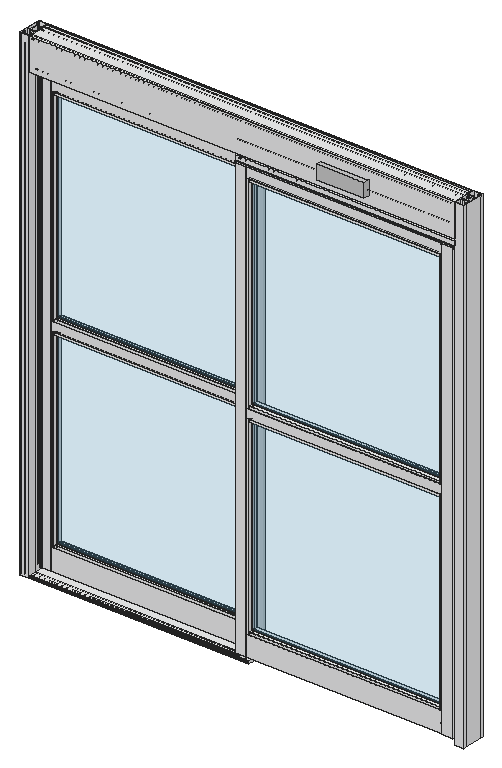
Revit family "2-6-1_Sliding-Door_TX9300SL_Single-RH-Inside-Slide-SX-SO_Tormax", category Doors, host Wall, Revit 2026 (continued)
Definition of nested family "Door-Sliding-Tormax-Panel-SO"
  Forms (in)
    Sweep 1, solid, material <- "Frame Material"
      profile origin (-20.78125, 0, 42.6875) x (-1, 0, 0) y (0, -1, 0)
        loop
          line (-0.10913, -0.79679) -> (-0.18087, -0.77676) -> (-0.20082, -0.85943) -> (-0.27801, -0.84081) -> (-0.18503, -0.45549) -> (-0.10975, -0.47365) -> (-0.1297, -0.55632) -> (-0.05562, -0.57144)
          arc (-0.05562, -0.57144) -> (0, 0) -> (-0.05562, 0.57144) r 2.96345
          line (-0.05562, 0.57144) -> (-0.1297, 0.55632) -> (-0.10975, 0.47365) -> (-0.18503, 0.45549) -> (-0.27801, 0.84081) -> (-0.20082, 0.85943) -> (-0.18087, 0.77676) -> (-0.10913, 0.79679)
          arc (-0.10913, 0.79679) -> (-0.12559, 0.85357) -> (-0.14318, 0.91) r 2.96345
          line (-0.14318, 0.91) -> (-2.125, 0.91) -> (-2.125, 0.70869) -> (-2.02775, 0.76483) -> (-1.969, 0.76483) -> (-1.969, -0.76483) -> (-2.02717, -0.76483) -> (-2.125, -0.70835) -> (-2.125, -0.91)
        loop
          line (-1.844, -0.76483) -> (-0.33606, -0.76483)
          arc (-0.33606, -0.76483) -> (-0.28778, -0.57356) -> (-0.25342, -0.37931) r 2.73645
          line (-0.25342, -0.37931) -> (-0.15, -0.37931) -> (-0.15, -0.18239) -> (-0.25029, -0.18239) -> (-0.25029, 0.18239) -> (-0.15, 0.18239) -> (-0.15, 0.37931) -> (-0.25342, 0.37931)
          arc (-0.25342, 0.37931) -> (-0.28782, 0.57373) -> (-0.33616, 0.76517) r 2.73645
          line (-0.33616, 0.76517) -> (-1.844, 0.76517) -> (-1.844, -0.76483)
    Sweep 2, solid, material <- "Frame Material"
      path origin (0, 0, 0) x (1, 0, 0) y (0, 0, 1)
        loop
          line (-18.65625, 0) -> (18.65625, 0)
      profile origin (0, 0, 0) x (0, 0, 1) y (0, -1, 0)
        loop
          line (4.5, 0.8749) -> (0.5, 0.8749) -> (0.5, 0.75022) -> (2.06202, 0.75022) -> (2.06202, -0.74981) -> (1.59445, -0.74981) -> (1.30635, -0.4258) -> (0.698, -0.4258) -> (0.698, -0.5258) -> (1.27001, -0.5258) -> (1.27001, -0.76481) -> (0.5, -0.76481) -> (0.5, -0.8749) -> (4.5, -0.8749) -> (4.5, -0.70921) -> (4.39357, -0.77066) -> (4.34406, -0.77066) -> (4.34406, 0.77066) -> (4.39357, 0.77066) -> (4.5, 0.70921) -> (4.5, 0.8749)
        loop
          line (4.21945, -0.71919) -> (4.21945, 0.71919) -> (3.97279, 0.71919) -> (3.97279, 0.75305) -> (3.52125, 0.75305) -> (3.52125, 0.71919) -> (3.26966, 0.71919) -> (3.26966, 0.5938) -> (3.13704, 0.5938) -> (3.13704, 0.7188) -> (2.88641, 0.7188) -> (2.88641, 0.74999) -> (2.43765, 0.74999) -> (2.43765, 0.7188) -> (2.18703, 0.7188) -> (2.18703, -0.7188) -> (2.43765, -0.7188) -> (2.43765, -0.74999) -> (2.88641, -0.74999) -> (2.88641, -0.7188) -> (3.13704, -0.7188) -> (3.13704, -0.5938) -> (3.26966, -0.5938) -> (3.26966, -0.71919) -> (3.52125, -0.71919) -> (3.52125, -0.75305) -> (3.97279, -0.75305) -> (3.97279, -0.71919) -> (4.21945, -0.71919)
        loop
          line (42.875, -0.875) -> (42.875, -0.70777) -> (42.7655, -0.77099) -> (42.719, -0.77099) -> (42.719, 0.77099) -> (42.7655, 0.77099) -> (42.875, 0.70777) -> (42.875, 0.875) -> (41.125, 0.875) -> (41.125, 0.70777) -> (41.2345, 0.77099) -> (41.281, 0.77099) -> (41.281, -0.77099) -> (41.2345, -0.77099) -> (41.125, -0.70777) -> (41.125, -0.875) -> (42.875, -0.875)
        loop
          line (41.65541, -0.729) -> (41.65541, -0.76) -> (42.10469, -0.76) -> (42.10469, -0.729) -> (42.356, -0.729) -> (42.356, -0.519) -> (42.569, -0.519) -> (42.569, 0.519) -> (42.356, 0.519) -> (42.356, 0.729) -> (42.10469, 0.729) -> (42.10469, 0.76) -> (41.65541, 0.76) -> (41.65541, 0.729) -> (41.406, 0.729) -> (41.406, -0.729) -> (41.65541, -0.729)
        loop
          line (81.875, 0.8749) -> (81.875, 0.70921) -> (81.98143, 0.77066) -> (82.0294, 0.77066) -> (82.0294, -0.77066) -> (81.98143, -0.77066) -> (81.875, -0.70921) -> (81.875, -0.8749) -> (84.875, -0.8749) -> (84.875, -0.75002) -> (83.37502, -0.75002) -> (83.37502, 0.74998) -> (84.875, 0.74998) -> (84.875, 0.8749) -> (81.875, 0.8749)
        loop
          line (82.15555, -0.719) -> (82.468, -0.719) -> (82.468, -0.75) -> (82.793, -0.75) -> (82.793, -0.71901) -> (83.10534, -0.71901) -> (83.10534, -0.37501) -> (83.25002, -0.37501) -> (83.25002, 0.37499) -> (83.10534, 0.37499) -> (83.10534, 0.71899) -> (82.79301, 0.71899) -> (82.79301, 0.74999) -> (82.46801, 0.74999) -> (82.46801, 0.719) -> (82.15555, 0.719) -> (82.15555, -0.719)
    Sweep 3, solid, material <- "Frame Material"
      path origin (0, 0, 0) x (1, 0, 0) y (0, 0, 1)
        loop
          line (20.78125, 0.5) -> (20.78125, 84.875)
      profile origin (20.78125, 0, 42.6875) x (-1, 0, 0) y (0, -1, 0)
        loop
          line (2.125, -0.91) -> (2.125, -0.70835) -> (2.02717, -0.76483) -> (1.969, -0.76483) -> (1.969, 0.76483) -> (2.02775, 0.76483) -> (2.125, 0.70869) -> (2.125, 0.91) -> (0.14318, 0.91)
          arc (0.14318, 0.91) -> (0, 0) -> (0.14318, -0.91) r 2.96345
          line (0.14318, -0.91) -> (2.125, -0.91)
        loop
          line (1.844, -0.76483) -> (1.844, 0.76517) -> (0.23008, 0.76517)
          arc (0.23008, 0.76517) -> (0.16526, 0.47637) -> (0.13087, 0.18239) r 2.83845
          line (0.13087, 0.18239) -> (0.25029, 0.18239) -> (0.25029, -0.18239) -> (0.13087, -0.18239)
          arc (0.13087, -0.18239) -> (0.16523, -0.4762) -> (0.22999, -0.76483) r 2.83845
          line (0.22999, -0.76483) -> (1.844, -0.76483)
    Sweep 4, solid, material <- "Frame Material"
      path origin (0, 0, 0) x (1, 0, 0) y (0, 0, 1)
        loop
          line (0, 4.5) -> (0, 41.125)
      profile origin (0, 0, 22.8125) x (-1, 0, 0) y (0, -1, 0)
        loop
          line (-18.65625, -0.87481) -> (-18.15645, -0.87481) -> (-18.15645, -0.20955) -> (-18.12159, -0.20955) -> (-18.06046, -0.09459) -> (-18.08245, -0.07259) -> (-18.15436, -0.12483) -> (-18.36418, -0.12483) -> (-18.36418, -0.20955) -> (-18.5318, -0.20955) -> (-18.5318, -0.13997) -> (-18.61845, -0.13997) -> (-18.61845, 0.13997) -> (-18.5318, 0.13997) -> (-18.5318, 0.20955) -> (-18.36418, 0.20955) -> (-18.36418, 0.12483) -> (-18.15436, 0.12483) -> (-18.08245, 0.07259) -> (-18.06046, 0.09459) -> (-18.12159, 0.20955) -> (-18.15645, 0.20955) -> (-18.15645, 0.87481) -> (-18.65625, 0.87481) -> (-18.65625, 0.66561) -> (-18.75597, 0.66561) -> (-18.75597, 0.76483) -> (-18.80597, 0.76483) -> (-18.80597, 0.6157) -> (-18.69998, 0.6157) -> (-18.57594, 0.49166) -> (-18.57594, 0.32983)
          arc (-18.57594, 0.32983) -> (-18.64136, 0.30274) -> (-18.66845, 0.23732) r 0.09251
          line (-18.66845, 0.23732) -> (-18.66845, 0.1901) -> (-18.81225, 0.1901) -> (-18.81225, 0.13997) -> (-18.66845, 0.13997) -> (-18.66845, -0.13997) -> (-18.81225, -0.13997) -> (-18.81225, -0.1901) -> (-18.68146, -0.1901) -> (-18.68146, -0.25955) -> (-18.46359, -0.25955) -> (-18.46359, -0.4032) -> (-18.20611, -0.4032) -> (-18.20611, -0.8251) -> (-18.60608, -0.8251) -> (-18.60608, -0.65698) -> (-18.72056, -0.65698) -> (-18.72056, -0.70698) -> (-18.65625, -0.70698) -> (-18.65625, -0.87481)
        loop
          line (-18.55619, 0.8251) -> (-18.55619, 0.74143) -> (-18.62235, 0.74143) -> (-18.62235, 0.67847) -> (-18.52594, 0.58206) -> (-18.52594, 0.25099) -> (-18.46359, 0.25099) -> (-18.46359, 0.4032) -> (-18.20611, 0.4032) -> (-18.20611, 0.8251) -> (-18.55619, 0.8251)
        loop
          line (18.65625, -0.87481) -> (18.65625, -0.70698) -> (18.72056, -0.70698) -> (18.72056, -0.65698) -> (18.60608, -0.65698) -> (18.60608, -0.8251) -> (18.20611, -0.8251) -> (18.20611, -0.4032) -> (18.46359, -0.4032) -> (18.46359, -0.25955) -> (18.68146, -0.25955) -> (18.68146, -0.1901) -> (18.81225, -0.1901) -> (18.81225, -0.13997) -> (18.66845, -0.13997) -> (18.66845, 0.13997) -> (18.81225, 0.13997) -> (18.81225, 0.1901) -> (18.66845, 0.1901) -> (18.66845, 0.23732)
          arc (18.66845, 0.23732) -> (18.64136, 0.30274) -> (18.57594, 0.32983) r 0.09251
          line (18.57594, 0.32983) -> (18.57594, 0.49166) -> (18.69998, 0.6157) -> (18.80597, 0.6157) -> (18.80597, 0.76483) -> (18.75597, 0.76483) -> (18.75597, 0.66561) -> (18.65625, 0.66561) -> (18.65625, 0.87481) -> (18.15645, 0.87481) -> (18.15645, 0.20955) -> (18.12159, 0.20955) -> (18.06046, 0.09459) -> (18.08245, 0.07259) -> (18.15436, 0.12483) -> (18.36418, 0.12483) -> (18.36418, 0.20955) -> (18.5318, 0.20955) -> (18.5318, 0.13997) -> (18.61845, 0.13997) -> (18.61845, -0.13997) -> (18.5318, -0.13997) -> (18.5318, -0.20955) -> (18.36418, -0.20955) -> (18.36418, -0.12483) -> (18.15436, -0.12483) -> (18.08245, -0.07259) -> (18.06046, -0.09459) -> (18.12159, -0.20955) -> (18.15645, -0.20955) -> (18.15645, -0.87481) -> (18.65625, -0.87481)
        loop
          line (18.55619, 0.8251) -> (18.20611, 0.8251) -> (18.20611, 0.4032) -> (18.46359, 0.4032) -> (18.46359, 0.25099) -> (18.52594, 0.25099) -> (18.52594, 0.58206) -> (18.62235, 0.67847) -> (18.62235, 0.74143) -> (18.55619, 0.74143) -> (18.55619, 0.8251)
    Extrusion 5, solid, material <- "Glass"
      sketch origin (0, 0, 0) x (1, 0, 0) y (0, 1, 0)
        loop
          line (-18.36418, 0.12483) -> (-18.36418, -0.12517) -> (18.36418, -0.12517) -> (18.36418, 0.12483) -> (-18.36418, 0.12483)
      from 4.60457 to 40.83293
    Sweep 6, solid, material <- "Frame Material"
      path origin (0, 0, 0) x (1, 0, 0) y (0, 0, 1)
        loop
          line (-18.15645, 42) -> (18.15645, 42)
      profile origin (0, 0, 42) x (0, 0, 1) y (0, -1, 0)
        loop
          line (-37.5, -0.87481) -> (-37, -0.87481) -> (-37, -0.20955) -> (-36.96513, -0.20955) -> (-36.90401, -0.09459) -> (-36.926, -0.07259) -> (-36.99791, -0.12483) -> (-37.20772, -0.12483) -> (-37.20772, -0.20955) -> (-37.37535, -0.20955) -> (-37.37535, -0.13997) -> (-37.462, -0.13997) -> (-37.462, 0.13997) -> (-37.37535, 0.13997) -> (-37.37535, 0.20955) -> (-37.20772, 0.20955) -> (-37.20772, 0.12483) -> (-36.99791, 0.12483) -> (-36.926, 0.07259) -> (-36.90401, 0.09459) -> (-36.96513, 0.20955) -> (-37, 0.20955) -> (-37, 0.87481) -> (-37.5, 0.87481) -> (-37.5, 0.66561) -> (-37.59983, 0.66561) -> (-37.59983, 0.76483) -> (-37.64983, 0.76483) -> (-37.64983, 0.6157) -> (-37.54548, 0.6157) -> (-37.41949, 0.48971) -> (-37.41949, 0.32983)
          arc (-37.41949, 0.32983) -> (-37.48491, 0.30274) -> (-37.512, 0.23732) r 0.09251
          line (-37.512, 0.23732) -> (-37.512, 0.1901) -> (-37.6558, 0.1901) -> (-37.6558, 0.13997) -> (-37.512, 0.13997) -> (-37.512, -0.13997) -> (-37.6558, -0.13997) -> (-37.6558, -0.1901) -> (-37.52501, -0.1901) -> (-37.52501, -0.25955) -> (-37.30714, -0.25955) -> (-37.30714, -0.4032) -> (-37.04966, -0.4032) -> (-37.04966, -0.8251) -> (-37.44983, -0.8251) -> (-37.44983, -0.65698) -> (-37.56431, -0.65698) -> (-37.56431, -0.70698) -> (-37.5, -0.70698) -> (-37.5, -0.87481)
        loop
          line (-37.40006, 0.8251) -> (-37.40006, 0.74143) -> (-37.46622, 0.74143) -> (-37.46622, 0.67879) -> (-37.36949, 0.58206) -> (-37.36949, 0.25099) -> (-37.30714, 0.25099) -> (-37.30714, 0.4032) -> (-37.04966, 0.4032) -> (-37.04966, 0.8251) -> (-37.40006, 0.8251)
        loop
          line (-0.875, -0.87481) -> (-0.875, -0.70698) -> (-0.81069, -0.70698) -> (-0.81069, -0.65698) -> (-0.92517, -0.65698) -> (-0.92517, -0.8251) -> (-1.32514, -0.8251) -> (-1.32514, -0.4032) -> (-1.06766, -0.4032) -> (-1.06766, -0.25955) -> (-0.84979, -0.25955) -> (-0.84979, -0.1901) -> (-0.719, -0.1901) -> (-0.719, -0.13997) -> (-0.8628, -0.13997) -> (-0.8628, 0.13997) -> (-0.719, 0.13997) -> (-0.719, 0.1901) -> (-0.8628, 0.1901) -> (-0.8628, 0.23732)
          arc (-0.8628, 0.23732) -> (-0.88989, 0.30274) -> (-0.95531, 0.32983) r 0.09251
          line (-0.95531, 0.32983) -> (-0.95531, 0.49166) -> (-0.83127, 0.6157) -> (-0.72528, 0.6157) -> (-0.72528, 0.76483) -> (-0.77528, 0.76483) -> (-0.77528, 0.66561) -> (-0.875, 0.66561) -> (-0.875, 0.87481) -> (-1.3748, 0.87481) -> (-1.3748, 0.20955) -> (-1.40966, 0.20955) -> (-1.47079, 0.09459) -> (-1.4488, 0.07259) -> (-1.37689, 0.12483) -> (-1.16707, 0.12483) -> (-1.16707, 0.20955) -> (-0.99945, 0.20955) -> (-0.99945, 0.13997) -> (-0.9128, 0.13997) -> (-0.9128, -0.13997) -> (-0.99945, -0.13997) -> (-0.99945, -0.20955) -> (-1.16707, -0.20955) -> (-1.16707, -0.12483) -> (-1.37689, -0.12483) -> (-1.4488, -0.07259) -> (-1.47079, -0.09459) -> (-1.40966, -0.20955) -> (-1.3748, -0.20955) -> (-1.3748, -0.87481) -> (-0.875, -0.87481)
        loop
          line (-0.97506, 0.8251) -> (-1.32514, 0.8251) -> (-1.32514, 0.4032) -> (-1.06766, 0.4032) -> (-1.06766, 0.25099) -> (-1.00531, 0.25099) -> (-1.00531, 0.58206) -> (-0.9089, 0.67847) -> (-0.9089, 0.74143) -> (-0.97506, 0.74143) -> (-0.97506, 0.8251)
        loop
          line (0.875, -0.87481) -> (1.3748, -0.87481) -> (1.3748, -0.20955) -> (1.40966, -0.20955) -> (1.47079, -0.09459) -> (1.4488, -0.07259) -> (1.37689, -0.12483) -> (1.16707, -0.12483) -> (1.16707, -0.20955) -> (0.99945, -0.20955) -> (0.99945, -0.13997) -> (0.9128, -0.13997) -> (0.9128, 0.13997) -> (0.99945, 0.13997) -> (0.99945, 0.20955) -> (1.16707, 0.20955) -> (1.16707, 0.12483) -> (1.37689, 0.12483) -> (1.4488, 0.07259) -> (1.47079, 0.09459) -> (1.40966, 0.20955) -> (1.3748, 0.20955) -> (1.3748, 0.87481) -> (0.875, 0.87481) -> (0.875, 0.66561) -> (0.77528, 0.66561) -> (0.77528, 0.76483) -> (0.72528, 0.76483) -> (0.72528, 0.6157) -> (0.83127, 0.6157) -> (0.95531, 0.49166) -> (0.95531, 0.32983)
          arc (0.95531, 0.32983) -> (0.88989, 0.30274) -> (0.8628, 0.23732) r 0.09251
          line (0.8628, 0.23732) -> (0.8628, 0.1901) -> (0.719, 0.1901) -> (0.719, 0.13997) -> (0.8628, 0.13997) -> (0.8628, -0.13997) -> (0.719, -0.13997) -> (0.719, -0.1901) -> (0.84979, -0.1901) -> (0.84979, -0.25955) -> (1.06766, -0.25955) -> (1.06766, -0.4032) -> (1.32514, -0.4032) -> (1.32514, -0.8251) -> (0.92517, -0.8251) -> (0.92517, -0.65698) -> (0.81069, -0.65698) -> (0.81069, -0.70698) -> (0.875, -0.70698) -> (0.875, -0.87481)
        loop
          line (0.97506, 0.8251) -> (0.97506, 0.74143) -> (0.9089, 0.74143) -> (0.9089, 0.67847) -> (1.00531, 0.58206) -> (1.00531, 0.25099) -> (1.06766, 0.25099) -> (1.06766, 0.4032) -> (1.32514, 0.4032) -> (1.32514, 0.8251) -> (0.97506, 0.8251)
        loop
          line (39.875, -0.87481) -> (39.875, -0.70698) -> (39.93931, -0.70698) -> (39.93931, -0.65698) -> (39.82483, -0.65698) -> (39.82483, -0.8251) -> (39.42486, -0.8251) -> (39.42486, -0.4032) -> (39.68234, -0.4032) -> (39.68234, -0.25955) -> (39.90021, -0.25955) -> (39.90021, -0.1901) -> (40.031, -0.1901) -> (40.031, -0.13997) -> (39.8872, -0.13997) -> (39.8872, 0.13997) -> (40.031, 0.13997) -> (40.031, 0.1901) -> (39.8872, 0.1901) -> (39.8872, 0.23732)
          arc (39.8872, 0.23732) -> (39.86011, 0.30274) -> (39.79469, 0.32983) r 0.09251
          line (39.79469, 0.32983) -> (39.79469, 0.49166) -> (39.91873, 0.6157) -> (40.02472, 0.6157) -> (40.02472, 0.76483) -> (39.97472, 0.76483) -> (39.97472, 0.66561) -> (39.875, 0.66561) -> (39.875, 0.87481) -> (39.3752, 0.87481) -> (39.3752, 0.20955) -> (39.34034, 0.20955) -> (39.27921, 0.09459) -> (39.3012, 0.07259) -> (39.37311, 0.12483) -> (39.58293, 0.12483) -> (39.58293, 0.20955) -> (39.75055, 0.20955) -> (39.75055, 0.13997) -> (39.8372, 0.13997) -> (39.8372, -0.13997) -> (39.75055, -0.13997) -> (39.75055, -0.20955) -> (39.58293, -0.20955) -> (39.58293, -0.12483) -> (39.37311, -0.12483) -> (39.3012, -0.07259) -> (39.27921, -0.09459) -> (39.34034, -0.20955) -> (39.3752, -0.20955) -> (39.3752, -0.87481) -> (39.875, -0.87481)
        loop
          line (39.77494, 0.8251) -> (39.42486, 0.8251) -> (39.42486, 0.4032) -> (39.68234, 0.4032) -> (39.68234, 0.25099) -> (39.74469, 0.25099) -> (39.74469, 0.58206) -> (39.8411, 0.67847) -> (39.8411, 0.74143) -> (39.77494, 0.74143) -> (39.77494, 0.8251)
    Sweep 7, solid, material <- "Frame Material"
      path origin (0, 0, 0) x (1, 0, 0) y (0, 0, 1)
        loop
          line (0, 42.875) -> (0, 81.875)
      profile origin (0, 0, 62.375) x (-1, 0, 0) y (0, -1, 0)
        loop
          line (-18.65625, -0.87481) -> (-18.15645, -0.87481) -> (-18.15645, -0.20955) -> (-18.12159, -0.20955) -> (-18.06046, -0.09459) -> (-18.08245, -0.07259) -> (-18.15436, -0.12483) -> (-18.36418, -0.12483) -> (-18.36418, -0.20955) -> (-18.5318, -0.20955) -> (-18.5318, -0.13997) -> (-18.61845, -0.13997) -> (-18.61845, 0.13997) -> (-18.5318, 0.13997) -> (-18.5318, 0.20955) -> (-18.36418, 0.20955) -> (-18.36418, 0.12483) -> (-18.15436, 0.12483) -> (-18.08245, 0.07259) -> (-18.06046, 0.09459) -> (-18.12159, 0.20955) -> (-18.15645, 0.20955) -> (-18.15645, 0.87481) -> (-18.65625, 0.87481) -> (-18.65625, 0.66561) -> (-18.75597, 0.66561) -> (-18.75597, 0.76483) -> (-18.80597, 0.76483) -> (-18.80597, 0.6157) -> (-18.69998, 0.6157) -> (-18.57594, 0.49166) -> (-18.57594, 0.32983)
          arc (-18.57594, 0.32983) -> (-18.64136, 0.30274) -> (-18.66845, 0.23732) r 0.09251
          line (-18.66845, 0.23732) -> (-18.66845, 0.1901) -> (-18.81225, 0.1901) -> (-18.81225, 0.13997) -> (-18.66845, 0.13997) -> (-18.66845, -0.13997) -> (-18.81225, -0.13997) -> (-18.81225, -0.1901) -> (-18.68146, -0.1901) -> (-18.68146, -0.25955) -> (-18.46359, -0.25955) -> (-18.46359, -0.4032) -> (-18.20611, -0.4032) -> (-18.20611, -0.8251) -> (-18.60608, -0.8251) -> (-18.60608, -0.65698) -> (-18.72056, -0.65698) -> (-18.72056, -0.70698) -> (-18.65625, -0.70698) -> (-18.65625, -0.87481)
        loop
          line (-18.55619, 0.8251) -> (-18.55619, 0.74143) -> (-18.62235, 0.74143) -> (-18.62235, 0.67847) -> (-18.52594, 0.58206) -> (-18.52594, 0.25099) -> (-18.46359, 0.25099) -> (-18.46359, 0.4032) -> (-18.20611, 0.4032) -> (-18.20611, 0.8251) -> (-18.55619, 0.8251)
        loop
          line (18.65625, -0.87481) -> (18.65625, -0.70698) -> (18.72056, -0.70698) -> (18.72056, -0.65698) -> (18.60608, -0.65698) -> (18.60608, -0.8251) -> (18.20611, -0.8251) -> (18.20611, -0.4032) -> (18.46359, -0.4032) -> (18.46359, -0.25955) -> (18.68146, -0.25955) -> (18.68146, -0.1901) -> (18.81225, -0.1901) -> (18.81225, -0.13997) -> (18.66845, -0.13997) -> (18.66845, 0.13997) -> (18.81225, 0.13997) -> (18.81225, 0.1901) -> (18.66845, 0.1901) -> (18.66845, 0.23732)
          arc (18.66845, 0.23732) -> (18.64136, 0.30274) -> (18.57594, 0.32983) r 0.09251
          line (18.57594, 0.32983) -> (18.57594, 0.49166) -> (18.69998, 0.6157) -> (18.80597, 0.6157) -> (18.80597, 0.76483) -> (18.75597, 0.76483) -> (18.75597, 0.66561) -> (18.65625, 0.66561) -> (18.65625, 0.87481) -> (18.15645, 0.87481) -> (18.15645, 0.20955) -> (18.12159, 0.20955) -> (18.06046, 0.09459) -> (18.08245, 0.07259) -> (18.15436, 0.12483) -> (18.36418, 0.12483) -> (18.36418, 0.20955) -> (18.5318, 0.20955) -> (18.5318, 0.13997) -> (18.61845, 0.13997) -> (18.61845, -0.13997) -> (18.5318, -0.13997) -> (18.5318, -0.20955) -> (18.36418, -0.20955) -> (18.36418, -0.12483) -> (18.15436, -0.12483) -> (18.08245, -0.07259) -> (18.06046, -0.09459) -> (18.12159, -0.20955) -> (18.15645, -0.20955) -> (18.15645, -0.87481) -> (18.65625, -0.87481)
        loop
          line (18.55619, 0.8251) -> (18.20611, 0.8251) -> (18.20611, 0.4032) -> (18.46359, 0.4032) -> (18.46359, 0.25099) -> (18.52594, 0.25099) -> (18.52594, 0.58206) -> (18.62235, 0.67847) -> (18.62235, 0.74143) -> (18.55619, 0.74143) -> (18.55619, 0.8251)
    Extrusion 8, solid, material <- "Glass"
      sketch origin (0, 0, 0) x (1, 0, 0) y (0, 1, 0)
        loop
          line (-18.36418, 0.12483) -> (-18.36418, -0.12517) -> (18.36418, -0.12517) -> (18.36418, 0.12483) -> (-18.36418, 0.12483)
      from 43.16707 to 81.58293
  Lines and regions (in)
    symbolic lines
      curve 1: line (-20.78125, 0.91, 0) -> (-20.78125, 42.4725, 0)
      curve 2: arc (-20.78125, 42.4725, 0) -> (8.60788, 30.29913, 0) -> (20.78125, 0.91, 0) r 41.5625
      curve 3: line (-20.78125, 0, 42) -> (20.78125, 0, 84.875)
      curve 4: line (-20.78125, 0, 42) -> (20.78125, 0, 0.5)
  Dimensions and locks (in)
    "Height": plane 4 to level
    equal spacing: plane 10, plane 3 "Center (Left/Right)", plane 11
    "Width": plane 10 to plane 11
    "Thickness": plane 9 "Exterior" to plane 8 "Interior"
    equal spacing: plane 9 "Exterior", plane 1 "Center (Front/Back)", plane 8 "Interior"
    locked: plane 10 to plane 12 at 2.125
    locked: plane 13 to plane 11 at 2.125
    locked: plane 5 to level at 42
    plane 14 to plane 5 to plane 15 = 0' - 0 7/8" locked, 0' - 0 7/8" locked
    locked: plane 17 to plane 19 at 4
    locked: Sweep 4 sketch curve to plane 13 at 0.4998  (x2)
    plane 12 to Sweep 4 sketch curve to Sweep 4 sketch curve = 0' - 0.4998" locked, 0' - 0" locked
    plane 7 to plane 1 "Center (Front/Back)" to plane 6 = 0' - 0.12517" locked, 0' - 0.12483" locked
    locked: Extrusion 5 sketch curve to plane 13 at 0.29207
    locked: plane 12 to Extrusion 5 sketch curve at 0.29207
    locked: Sweep 6 sketch curve to plane 13 at 0.4998
    locked: Sweep 6 sketch curve to plane 12 at 0.4998
    locked: Extrusion 5 to plane 15 at 0.29207
    locked: Extrusion 8 to plane 14 at 0.29207
    locked: Extrusion 8 to plane 16 at 0.29207
    locked: plane 12 to Sweep 7 sketch curve at 0.4998  (x2)
    Sweep 7 sketch curve to Sweep 7 sketch curve to plane 13 = 0' - 0" locked, 0' - 0.4998" locked
    locked: plane 16 to plane 21 at 3
    plane 16 to Sweep 2 sketch curve to Sweep 2 sketch curve = 0' - 1.37502" locked, 0' - 0 1/8" locked
    equal spacing: plane 13, plane 18 "Handle", plane 11
    locked: plane 19 to plane 2 at 0.5
    plane 20 to plane 17 = 0' - 0 1/2"
    plane 4 to plane 21 = 0' - 0 1/8"
    locked: plane 4 to plane 21 at 0.125
    "Width": radius of curve 2
    aligned and locked: plane 2 to level
    aligned and locked: Sweep 1 sketch curve to plane 10
    aligned and locked: plane 12 to Sweep 2 sketch curve
    aligned and locked: plane 13 to Sweep 2 sketch curve
    aligned and locked: Sweep 2 sketch curve to plane 2
    aligned and locked: plane 14 to Sweep 2 sketch curve
    aligned and locked: Sweep 2 sketch curve to plane 14
    aligned and locked: plane 11 to Sweep 3 sketch curve
    aligned and locked: plane 13 to Sweep 3 sketch curve
    aligned and locked: plane 3 "Center (Left/Right)" to Sweep 4 sketch curve
    aligned and locked: plane 15 to Sweep 4 sketch curve
    aligned and locked: plane 17 to Sweep 4 sketch curve
    aligned and locked: Sweep 4 sketch curve to plane 13
    aligned and locked: plane 13 to Sweep 4 sketch curve
    aligned and locked: plane 12 to Sweep 4 sketch curve
    aligned and locked: Sweep 4 sketch curve to plane 12
    aligned and locked: plane 6 to Extrusion 5 sketch curve
    aligned and locked: plane 7 to Extrusion 5 sketch curve
    aligned and locked: Sweep 6 sketch curve to plane 5
    aligned and locked: plane 16 to Sweep 7 sketch curve
    aligned and locked: plane 14 to Sweep 7 sketch curve
    aligned and locked: plane 12 to Sweep 7 sketch curve
    aligned and locked: Sweep 7 sketch curve to plane 12
    aligned and locked: Sweep 7 sketch curve to plane 13
    aligned and locked: plane 13 to Sweep 7 sketch curve
    aligned and locked: Sweep 2 sketch curve to plane 16  (x2)
    aligned and locked: plane 9 "Exterior" to curve 2  (x2)
    aligned and locked: plane 10 to curve 2
    aligned and locked: plane 5 to curve 4
    aligned and locked: plane 10 to curve 3
    aligned and locked: Sweep 6 sketch curve to plane 17
    aligned and locked: plane 17 to Sweep 6 sketch curve
    aligned and locked: plane 20 to Sweep 6 sketch curve
    aligned and locked: Sweep 6 sketch curve to plane 20
    aligned and locked: Sweep 2 sketch curve to plane 19  (x2)
    aligned and locked: plane 17 to Sweep 2 sketch curve  (x2)
    aligned and locked: Sweep 1 sketch curve to plane 12  (x2)
    aligned and locked: Sweep 3 sketch curve to plane 9 "Exterior"
    aligned and locked: plane 8 "Interior" to Sweep 3 sketch curve
    aligned and locked: plane 19 to Sweep 1 sketch curve
    aligned and locked: plane 19 to Sweep 3 sketch curve
    aligned and locked: plane 19 to curve 4
    aligned and locked: plane 11 to curve 4
    aligned and locked: Sweep 2 sketch curve to plane 21  (x2)
    aligned and locked: plane 21 to Sweep 1 sketch curve
    aligned and locked: plane 11 to curve 3
    aligned and locked: plane 21 to curve 3
    aligned and locked: plane 21 to Sweep 3 sketch curve
  Automatic sketch dimensions
    Sweep 4 sketch curve to Sweep 4 sketch curve = 0' - 0.0122"
    Sweep 4 sketch curve to plane 1 "Center (Front/Back)" = 0' - 0.13997"
    Sweep 4 sketch curve to Sweep 4 sketch curve = 0' - 0"  (x5)
    Sweep 4 sketch curve to Sweep 4 sketch curve = 0' - 0.01301"  (x2)
    plane 1 "Center (Front/Back)" to Sweep 4 sketch curve = 0' - 0.6157"
    Sweep 4 sketch curve to Sweep 4 sketch curve = 0' - 0.04373"  (x2)
    Sweep 4 sketch curve to Sweep 4 sketch curve = 0' - 0.06431"  (x2)
    Sweep 4 sketch curve to Sweep 4 sketch curve = 0' - 0.05599"
    Sweep 4 sketch curve to Sweep 4 sketch curve = 0' - 0.05"  (x8)
    Sweep 4 sketch curve to Sweep 4 sketch curve = 0' - 0.13079"  (x2)
    Sweep 4 sketch curve to Sweep 4 sketch curve = 0' - 0.1438"  (x2)
    Sweep 4 sketch curve to Sweep 4 sketch curve = 0' - 0.0339"  (x2)
    Sweep 4 sketch curve to Sweep 4 sketch curve = 0' - 0.05017"  (x2)
    plane 1 "Center (Front/Back)" to Sweep 4 sketch curve = 0' - 0.49166"
    Sweep 4 sketch curve to Sweep 4 sketch curve = 0' - 0.12404"  (x2)
    Sweep 4 sketch curve to Sweep 4 sketch curve = 0' - 0.06616"  (x2)
    Sweep 4 sketch curve to Sweep 4 sketch curve = 0' - 0.08665"  (x3)
    Sweep 4 sketch curve to Sweep 4 sketch curve = 0' - 0.00586"  (x2)
    Sweep 4 sketch curve to Sweep 4 sketch curve = 0' - 0.0682"  (x2)
    Sweep 4 sketch curve to Sweep 4 sketch curve = 0' - 0.11234"
    Sweep 4 sketch curve to Sweep 4 sketch curve = 0' - 0.09942"  (x4)
    Sweep 4 sketch curve to Sweep 4 sketch curve = 0' - 0.04966"  (x4)
    Sweep 4 sketch curve to plane 1 "Center (Front/Back)" = 0' - 0.12483"
    Sweep 4 sketch curve to Sweep 4 sketch curve = 0' - 0.00209"  (x2)
    Sweep 4 sketch curve to Sweep 4 sketch curve = 0' - 0.03487"  (x4)
    plane 1 "Center (Front/Back)" to Sweep 4 sketch curve = 0' - 0.20955"  (x2)
    plane 1 "Center (Front/Back)" to Sweep 4 sketch curve = 0' - 0.07259"  (x2)
    Sweep 4 sketch curve to Sweep 4 sketch curve = 0' - 0.0719"  (x4)
    Sweep 4 sketch curve to plane 1 "Center (Front/Back)" = 0' - 0.07259"  (x2)
    Sweep 4 sketch curve to plane 1 "Center (Front/Back)" = 0' - 0.09459"  (x2)
    Sweep 4 sketch curve to Sweep 4 sketch curve = 0' - 0.02199"  (x4)
    plane 1 "Center (Front/Back)" to Sweep 4 sketch curve = 0' - 0.09459"  (x2)
    Sweep 4 sketch curve to Sweep 4 sketch curve = 0' - 0.06113"
    Sweep 4 sketch curve to plane 1 "Center (Front/Back)" = 0' - 0.20955"
    plane 1 "Center (Front/Back)" to Sweep 4 sketch curve = 0' - 0.12483"
    Sweep 4 sketch curve to Sweep 4 sketch curve = 0' - 0.06234"
    Sweep 4 sketch curve to Sweep 4 sketch curve = 0' - 0.03026"
    Sweep 4 sketch curve to Sweep 4 sketch curve = 0' - 0.14248"
    Sweep 4 sketch curve to Sweep 4 sketch curve = 0' - 0.09251"
    Sweep 4 sketch curve to Sweep 4 sketch curve = 0' - 0.13361"
    Sweep 4 sketch curve to plane 1 "Center (Front/Back)" = 0' - 0.25955"
    Sweep 4 sketch curve to Sweep 4 sketch curve = 0' - 0.11958"
    Sweep 4 sketch curve to Sweep 4 sketch curve = 0' - 0.14365"
    Sweep 4 sketch curve to Sweep 4 sketch curve = 0' - 0.19365"  (x3)
    Sweep 4 sketch curve to Sweep 4 sketch curve = 0' - 0.25378"  (x2)
    Sweep 4 sketch curve to Sweep 4 sketch curve = 0' - 0.4219"  (x2)
    Sweep 4 sketch curve to Sweep 4 sketch curve = 0' - 0.04971"  (x4)
    Sweep 4 sketch curve to Sweep 4 sketch curve = 0' - 0.08472"  (x5)
    Sweep 4 sketch curve to Sweep 4 sketch curve = 0' - 0.05012"  (x4)
    Sweep 4 sketch curve to Sweep 4 sketch curve = 0' - 0.06945"
    Sweep 4 sketch curve to Sweep 4 sketch curve = 0' - 0.06958"  (x2)
    plane 1 "Center (Front/Back)" to Sweep 4 sketch curve = 0' - 0.13997"  (x2)
    Sweep 4 sketch curve to Sweep 4 sketch curve = 0' - 0.04722"
    Sweep 4 sketch curve to Sweep 4 sketch curve = 0' - 0.02777"
    Sweep 4 sketch curve to Sweep 4 sketch curve = 0' - 0.04144"  (x2)
    Sweep 4 sketch curve to Sweep 4 sketch curve = 0' - 0.08847"
    Sweep 4 sketch curve to Sweep 4 sketch curve = 0' - 0.0904"  (x2)
    Sweep 4 sketch curve to Sweep 4 sketch curve = 0' - 0.04991"  (x2)
    Sweep 4 sketch curve to Sweep 4 sketch curve = 0' - 0.01286"  (x2)
    Sweep 4 sketch curve to Sweep 4 sketch curve = 0' - 0.06296"  (x2)
    Sweep 4 sketch curve to Sweep 4 sketch curve = 0' - 0.09922"  (x2)
    Sweep 4 sketch curve to Sweep 4 sketch curve = 0' - 0.08367"  (x2)
    Sweep 7 sketch curve to plane 3 "Center (Left/Right)" = 0' - 0"
    plane 1 "Center (Front/Back)" to Sweep 7 sketch curve = 0' - 0.1901"
    Sweep 7 sketch curve to Sweep 7 sketch curve = 0' - 0"  (x6)
    Sweep 7 sketch curve to Sweep 7 sketch curve = 0' - 0.00628"
    Sweep 7 sketch curve to Sweep 7 sketch curve = 0' - 0.05"  (x8)
    Sweep 7 sketch curve to Sweep 7 sketch curve = 0' - 0.05599"
    Sweep 7 sketch curve to Sweep 7 sketch curve = 0' - 0.13079"  (x2)
    Sweep 7 sketch curve to Sweep 7 sketch curve = 0' - 0.1438"  (x2)
    Sweep 7 sketch curve to Sweep 7 sketch curve = 0' - 0.06431"  (x2)
    Sweep 7 sketch curve to Sweep 7 sketch curve = 0' - 0.04373"  (x2)
    Sweep 7 sketch curve to Sweep 7 sketch curve = 0' - 0.0339"  (x2)
    Sweep 7 sketch curve to Sweep 7 sketch curve = 0' - 0.05017"  (x2)
    plane 1 "Center (Front/Back)" to Sweep 7 sketch curve = 0' - 0.49166"
    Sweep 7 sketch curve to Sweep 7 sketch curve = 0' - 0.12404"  (x3)
    Sweep 7 sketch curve to Sweep 7 sketch curve = 0' - 0.06616"  (x2)
    Sweep 7 sketch curve to Sweep 7 sketch curve = 0' - 0.08665"  (x3)
    Sweep 7 sketch curve to Sweep 7 sketch curve = 0' - 0.00586"  (x2)
    Sweep 7 sketch curve to Sweep 7 sketch curve = 0' - 0.0682"  (x2)
    Sweep 7 sketch curve to Sweep 7 sketch curve = 0' - 0.11234"
    Sweep 7 sketch curve to Sweep 7 sketch curve = 0' - 0.09942"  (x4)
    Sweep 7 sketch curve to Sweep 7 sketch curve = 0' - 0.04966"  (x4)
    Sweep 7 sketch curve to plane 1 "Center (Front/Back)" = 0' - 0.12483"
    Sweep 7 sketch curve to Sweep 7 sketch curve = 0' - 0.00209"  (x2)
    Sweep 7 sketch curve to Sweep 7 sketch curve = 0' - 0.03487"  (x4)
    plane 1 "Center (Front/Back)" to Sweep 7 sketch curve = 0' - 0.20955"  (x2)
    plane 1 "Center (Front/Back)" to Sweep 7 sketch curve = 0' - 0.07259"  (x2)
    Sweep 7 sketch curve to Sweep 7 sketch curve = 0' - 0.0719"  (x4)
    Sweep 7 sketch curve to plane 1 "Center (Front/Back)" = 0' - 0.07259"  (x2)
    Sweep 7 sketch curve to plane 1 "Center (Front/Back)" = 0' - 0.09459"  (x2)
    Sweep 7 sketch curve to Sweep 7 sketch curve = 0' - 0.02199"  (x4)
    plane 1 "Center (Front/Back)" to Sweep 7 sketch curve = 0' - 0.09459"  (x2)
    Sweep 7 sketch curve to plane 1 "Center (Front/Back)" = 0' - 0.20955"
    Sweep 7 sketch curve to Sweep 7 sketch curve = 0' - 0.06113"
    plane 1 "Center (Front/Back)" to Sweep 7 sketch curve = 0' - 0.12483"
    Sweep 7 sketch curve to Sweep 7 sketch curve = 0' - 0.06234"
    Sweep 7 sketch curve to Sweep 7 sketch curve = 0' - 0.03026"
    Sweep 7 sketch curve to Sweep 7 sketch curve = 0' - 0.14248"
    Sweep 7 sketch curve to Sweep 7 sketch curve = 0' - 0.09251"
    Sweep 7 sketch curve to Sweep 7 sketch curve = 0' - 0.01301"
    Sweep 7 sketch curve to Sweep 7 sketch curve = 0' - 0.13361"
    Sweep 7 sketch curve to plane 1 "Center (Front/Back)" = 0' - 0.25955"  (x2)
    Sweep 7 sketch curve to Sweep 7 sketch curve = 0' - 0.14365"
    Sweep 7 sketch curve to Sweep 7 sketch curve = 0' - 0.19365"  (x3)
    Sweep 7 sketch curve to Sweep 7 sketch curve = 0' - 0.25378"  (x2)
    Sweep 7 sketch curve to Sweep 7 sketch curve = 0' - 0.4219"  (x2)
    Sweep 7 sketch curve to Sweep 7 sketch curve = 0' - 0.04971"  (x4)
    Sweep 7 sketch curve to Sweep 7 sketch curve = 0' - 0.08472"  (x5)
    Sweep 7 sketch curve to Sweep 7 sketch curve = 0' - 0.06945"  (x2)
    Sweep 7 sketch curve to Sweep 7 sketch curve = 0' - 0.05012"  (x4)
    Sweep 7 sketch curve to Sweep 7 sketch curve = 0' - 0.06958"  (x2)
    plane 1 "Center (Front/Back)" to Sweep 7 sketch curve = 0' - 0.13997"
    Sweep 7 sketch curve to Sweep 7 sketch curve = 0' - 0.04722"
    Sweep 7 sketch curve to Sweep 7 sketch curve = 0' - 0.02777"
    Sweep 7 sketch curve to Sweep 7 sketch curve = 0' - 0.04144"  (x2)
    Sweep 7 sketch curve to Sweep 7 sketch curve = 0' - 0.08847"
    Sweep 7 sketch curve to Sweep 7 sketch curve = 0' - 0.0904"  (x2)
    Sweep 7 sketch curve to Sweep 7 sketch curve = 0' - 0.04991"  (x2)
    Sweep 7 sketch curve to Sweep 7 sketch curve = 0' - 0.01286"  (x2)
    Sweep 7 sketch curve to Sweep 7 sketch curve = 0' - 0.06296"  (x2)
    Sweep 7 sketch curve to Sweep 7 sketch curve = 0' - 0.09922"  (x2)
    Sweep 7 sketch curve to Sweep 7 sketch curve = 0' - 0.08367"  (x2)
    Extrusion 8 sketch curve to plane 7 = 0' - 0"
    plane 6 to Extrusion 8 sketch curve = 0' - 0"
    plane 12 to Extrusion 8 sketch curve = 0' - 0.29207"
    plane 13 to Extrusion 8 sketch curve = 0' - 0.29207"
    Sweep 3 sketch curve to Sweep 3 sketch curve = 0' - 0.09725"
    Sweep 3 sketch curve to Sweep 3 sketch curve = 0' - 0.09783"  (x2)
    Sweep 3 sketch curve to Sweep 3 sketch curve = 0' - 0.05875"
    Sweep 3 sketch curve to Sweep 3 sketch curve = 0' - 0 1/8"
    Sweep 3 sketch curve to Sweep 3 sketch curve = 0' - 0.05648"
    Sweep 3 sketch curve to Sweep 3 sketch curve = 0' - 0"  (x5)
    Sweep 3 sketch curve to Sweep 3 sketch curve = 0' - 0.05615"
    Sweep 3 sketch curve to Sweep 3 sketch curve = 0' - 0.14517"  (x2)
    Sweep 3 sketch curve to Sweep 3 sketch curve = 0' - 0.11943"  (x2)
    curve 1 to plane 9 "Exterior" = 0' - 0"
    Sweep 2 sketch curve to plane 1 "Center (Front/Back)" = 0' - 0.77099"  (x2)
    Sweep 2 sketch curve to Sweep 2 sketch curve = 0' - 0.1095"  (x4)
    plane 1 "Center (Front/Back)" to Sweep 2 sketch curve = 0' - 0.77099"  (x2)
    Sweep 2 sketch curve to Sweep 2 sketch curve = 0' - 0.0465"  (x3)
    Sweep 2 sketch curve to Sweep 2 sketch curve = 0' - 0.15"
    Sweep 2 sketch curve to Sweep 2 sketch curve = 0' - 0.213"  (x2)
    Sweep 2 sketch curve to Sweep 2 sketch curve = 0' - 0.25131"  (x2)
    Sweep 2 sketch curve to Sweep 2 sketch curve = 0' - 0.44928"  (x2)
    Sweep 2 sketch curve to Sweep 2 sketch curve = 0' - 0.24941"
    Sweep 2 sketch curve to Sweep 2 sketch curve = 0' - 0 1/8"  (x4)
    plane 1 "Center (Front/Back)" to Sweep 2 sketch curve = 0' - 0.70777"
    plane 1 "Center (Front/Back)" to Sweep 2 sketch curve = 0' - 0.8749"
    Sweep 2 sketch curve to Sweep 2 sketch curve = 0' - 0.10643"  (x4)
    plane 1 "Center (Front/Back)" to Sweep 2 sketch curve = 0' - 0.77066"  (x2)
    Sweep 2 sketch curve to Sweep 2 sketch curve = 0' - 0.04951"
    Sweep 2 sketch curve to Sweep 2 sketch curve = 0' - 0.12461"
    Sweep 2 sketch curve to Sweep 2 sketch curve = 0' - 0.24666"  (x2)
    Sweep 2 sketch curve to Sweep 2 sketch curve = 0' - 0.45154"  (x2)
    Sweep 2 sketch curve to Sweep 2 sketch curve = 0' - 0.25159"  (x2)
    Sweep 2 sketch curve to Sweep 2 sketch curve = 0' - 0.13262"  (x2)
    Sweep 2 sketch curve to Sweep 2 sketch curve = 0' - 0.25063"  (x3)
    Sweep 2 sketch curve to Sweep 2 sketch curve = 0' - 0.44876"  (x2)
    Sweep 2 sketch curve to Sweep 2 sketch curve = 0' - 0.46757"
    Sweep 2 sketch curve to Sweep 2 sketch curve = 0' - 0.28811"
    Sweep 2 sketch curve to Sweep 2 sketch curve = 0' - 0.03633"
    Sweep 2 sketch curve to plane 1 "Center (Front/Back)" = 0' - 0.77066"
    Sweep 2 sketch curve to Sweep 2 sketch curve = 0' - 0.04797"
    Sweep 2 sketch curve to Sweep 2 sketch curve = 0' - 0.12615"
    Sweep 2 sketch curve to Sweep 2 sketch curve = 0' - 0.31245"  (x2)
    Sweep 2 sketch curve to Sweep 2 sketch curve = 0' - 0.325"  (x2)
    Sweep 2 sketch curve to Sweep 2 sketch curve = 0' - 0.31234"
    Sweep 2 sketch curve to Sweep 2 sketch curve = 0' - 0.31233"
    Sweep 2 sketch curve to plane 1 "Center (Front/Back)" = 0' - 0.8749"  (x2)
    Sweep 2 sketch curve to Sweep 2 sketch curve = 0' - 0.10401"  (x2)
    Sweep 2 sketch curve to Sweep 2 sketch curve = 0' - 0.10425"  (x2)
    Sweep 2 sketch curve to plane 1 "Center (Front/Back)" = 0' - 0.76481"
    Sweep 2 sketch curve to Sweep 2 sketch curve = 0' - 0.01099"
    Sweep 2 sketch curve to Sweep 2 sketch curve = 0' - 0"  (x2)
    Sweep 2 sketch curve to plane 1 "Center (Front/Back)" = 0' - 0.75305"
    Sweep 2 sketch curve to Sweep 2 sketch curve = 0' - 0.00306"
    Sweep 2 sketch curve to Sweep 2 sketch curve = 0' - 0.015"
    Sweep 2 sketch curve to Sweep 2 sketch curve = 0' - 0.031"  (x6)
    Sweep 2 sketch curve to Sweep 2 sketch curve = 0' - 0.05166"  (x2)
    Sweep 2 sketch curve to Sweep 2 sketch curve = 0' - 0.03386"  (x2)
    Sweep 2 sketch curve to Sweep 2 sketch curve = 0' - 0.05146"  (x2)
    Sweep 2 sketch curve to Sweep 2 sketch curve = 0' - 0.00039"
    Sweep 2 sketch curve to Sweep 2 sketch curve = 0' - 0.06145"  (x4)
    Sweep 2 sketch curve to Sweep 2 sketch curve = 0' - 0.06322"  (x3)
    Sweep 2 sketch curve to Sweep 2 sketch curve = 0' - 0.239"
    Sweep 2 sketch curve to Sweep 2 sketch curve = 0' - 0.21"  (x2)
    Sweep 2 sketch curve to Sweep 2 sketch curve = 0' - 0.344"  (x2)
    Sweep 2 sketch curve to Sweep 2 sketch curve = 0' - 0.1"
    plane 1 "Center (Front/Back)" to Sweep 2 sketch curve = 0' - 0 3/8"
    Sweep 2 sketch curve to Sweep 2 sketch curve = 0' - 0.25199"
    plane 1 "Center (Front/Back)" to Sweep 2 sketch curve = 0' - 0.5938"
    Sweep 2 sketch curve to Sweep 2 sketch curve = 0' - 0 3/8"
    Sweep 2 sketch curve to Sweep 2 sketch curve = 0' - 0.12539"
    Sweep 2 sketch curve to Sweep 2 sketch curve = 0' - 0.04199"
    Sweep 2 sketch curve to Sweep 2 sketch curve = 0' - 0.03119"
    Sweep 2 sketch curve to Sweep 2 sketch curve = 0' - 0.03141"
    Sweep 6 sketch curve to plane 1 "Center (Front/Back)" = 0' - 0.13997"  (x2)
    Sweep 6 sketch curve to plane 20 = 0' - 0.512"
    Sweep 6 sketch curve to Sweep 6 sketch curve = 0' - 0"  (x13)
    Sweep 6 sketch curve to Sweep 6 sketch curve = 0' - 0.01301"  (x4)
    Sweep 6 sketch curve to Sweep 6 sketch curve = 0' - 0.04548"
    Sweep 6 sketch curve to Sweep 6 sketch curve = 0' - 0.06431"  (x4)
    Sweep 6 sketch curve to Sweep 6 sketch curve = 0' - 0.05436"
    Sweep 6 sketch curve to Sweep 6 sketch curve = 0' - 0.05"  (x20)
    Sweep 6 sketch curve to Sweep 6 sketch curve = 0' - 0.13079"  (x4)
    Sweep 6 sketch curve to Sweep 6 sketch curve = 0' - 0.1438"  (x4)
    Sweep 6 sketch curve to Sweep 6 sketch curve = 0' - 0.03378"
    Sweep 6 sketch curve to Sweep 6 sketch curve = 0' - 0.05017"  (x4)
    Sweep 6 sketch curve to Sweep 6 sketch curve = 0' - 0.09251"
    Sweep 6 sketch curve to Sweep 6 sketch curve = 0' - 0.06616"  (x4)
    Sweep 6 sketch curve to Sweep 6 sketch curve = 0' - 0.08665"  (x4)
    Sweep 6 sketch curve to Sweep 6 sketch curve = 0' - 0.04414"  (x2)
    Sweep 6 sketch curve to Sweep 6 sketch curve = 0' - 0.0682"  (x4)
    Sweep 6 sketch curve to Sweep 6 sketch curve = 0' - 0.06234"  (x3)
    Sweep 6 sketch curve to Sweep 6 sketch curve = 0' - 0.09942"  (x8)
    Sweep 6 sketch curve to plane 20 = 0' - 0.04966"  (x2)
    plane 20 to Sweep 6 sketch curve = 0' - 0.00209"  (x2)
    Sweep 6 sketch curve to Sweep 6 sketch curve = 0' - 0.03487"  (x7)
    plane 20 to Sweep 6 sketch curve = 0' - 0.03487"
    plane 20 to Sweep 6 sketch curve = 0' - 0.074"  (x2)
    Sweep 6 sketch curve to Sweep 6 sketch curve = 0' - 0.02199"  (x10)
    Sweep 6 sketch curve to plane 1 "Center (Front/Back)" = 0' - 0.09459"  (x4)
    profile plane to Sweep 6 sketch curve = 0' - 1.47079"
    plane 1 "Center (Front/Back)" to Sweep 6 sketch curve = 0' - 0.09459"  (x3)
    Sweep 6 sketch curve to plane 1 "Center (Front/Back)" = 0' - 0.07259"  (x3)
    plane 1 "Center (Front/Back)" to Sweep 6 sketch curve = 0' - 0.07259"  (x4)
    Sweep 6 sketch curve to Sweep 6 sketch curve = 0' - 0.06113"  (x4)
    Sweep 6 sketch curve to Sweep 6 sketch curve = 0' - 0.0719"  (x6)
    Sweep 6 sketch curve to Sweep 6 sketch curve = 0' - 0.04966"  (x6)
    Sweep 6 sketch curve to Sweep 6 sketch curve = 0' - 0.20772"  (x4)
    Sweep 6 sketch curve to Sweep 6 sketch curve = 0' - 0.00586"  (x3)
    Sweep 6 sketch curve to Sweep 6 sketch curve = 0' - 0.03026"  (x2)
    Sweep 6 sketch curve to Sweep 6 sketch curve = 0' - 0.14248"  (x2)
    Sweep 6 sketch curve to Sweep 6 sketch curve = 0' - 0.10006"  (x2)
    Sweep 6 sketch curve to Sweep 6 sketch curve = 0' - 0.04373"  (x3)
    Sweep 6 sketch curve to Sweep 6 sketch curve = 0' - 0.05599"  (x2)
    Sweep 6 sketch curve to profile plane = 0' - 0.719"
    Sweep 6 sketch curve to Sweep 6 sketch curve = 0' - 0.00628"
    Sweep 6 sketch curve to Sweep 6 sketch curve = 0' - 0.09169"
    Sweep 6 sketch curve to Sweep 6 sketch curve = 0' - 0.0339"
    Sweep 6 sketch curve to Sweep 6 sketch curve = 0' - 0.12404"  (x4)
    Sweep 6 sketch curve to Sweep 6 sketch curve = 0' - 0.11234"
    Sweep 6 sketch curve to Sweep 6 sketch curve = 0' - 0.35009"
    Sweep 6 sketch curve to Sweep 6 sketch curve = 0' - 0.15807"
    Sweep 6 sketch curve to Sweep 6 sketch curve = 0' - 0.00209"  (x2)
    Sweep 6 sketch curve to plane 1 "Center (Front/Back)" = 0' - 0.20955"  (x3)
    Sweep 6 sketch curve to Sweep 6 sketch curve = 3' - 1.80842"
    plane 1 "Center (Front/Back)" to Sweep 6 sketch curve = 0' - 0.58206"
    plane 1 "Center (Front/Back)" to Sweep 6 sketch curve = 0' - 0.49166"
    Sweep 6 sketch curve to Sweep 6 sketch curve = 0' - 0.13361"
    Sweep 6 sketch curve to Sweep 6 sketch curve = 0' - 0.11496"
    Sweep 6 sketch curve to plane 1 "Center (Front/Back)" = 0' - 0.25955"  (x2)
    Sweep 6 sketch curve to Sweep 6 sketch curve = 0' - 0.11958"  (x2)
    Sweep 6 sketch curve to Sweep 6 sketch curve = 0' - 0.14365"  (x4)
    Sweep 6 sketch curve to Sweep 6 sketch curve = 0' - 0.25378"  (x4)
    Sweep 6 sketch curve to Sweep 6 sketch curve = 0' - 0.11812"  (x2)
    Sweep 6 sketch curve to Sweep 6 sketch curve = 0' - 0.4219"  (x2)
    Sweep 6 sketch curve to Sweep 6 sketch curve = 0' - 0.04971"  (x8)
    Sweep 6 sketch curve to Sweep 6 sketch curve = 0' - 0.05012"  (x7)
    Sweep 6 sketch curve to Sweep 6 sketch curve = 0' - 0.06945"  (x2)
    Sweep 6 sketch curve to Sweep 6 sketch curve = 0' - 0.06958"  (x2)
    Sweep 6 sketch curve to Sweep 6 sketch curve = 0' - 0.08472"  (x11)
    plane 1 "Center (Front/Back)" to Sweep 6 sketch curve = 0' - 0.12483"  (x4)
    plane 1 "Center (Front/Back)" to Sweep 6 sketch curve = 0' - 0.13997"  (x4)
    Sweep 6 sketch curve to Sweep 6 sketch curve = 0' - 0.02777"  (x2)
    Sweep 6 sketch curve to Sweep 6 sketch curve = 0' - 0.04722"  (x2)
    Sweep 6 sketch curve to Sweep 6 sketch curve = 0' - 0.04144"  (x4)
    Sweep 6 sketch curve to Sweep 6 sketch curve = 0' - 0.19365"  (x2)
    Sweep 6 sketch curve to Sweep 6 sketch curve = 0' - 0.07336"  (x2)
    Sweep 6 sketch curve to Sweep 6 sketch curve = 0' - 0.08651"
    Sweep 6 sketch curve to Sweep 6 sketch curve = 0' - 0.08847"  (x2)
    Sweep 6 sketch curve to Sweep 6 sketch curve = 0' - 0.09235"
    Sweep 6 sketch curve to Sweep 6 sketch curve = 0' - 0.0904"  (x2)
    Sweep 6 sketch curve to Sweep 6 sketch curve = 0' - 0.12599"
    Sweep 6 sketch curve to Sweep 6 sketch curve = 0' - 0.04991"  (x4)
    Sweep 6 sketch curve to Sweep 6 sketch curve = 0' - 0.01286"  (x3)
    Sweep 6 sketch curve to Sweep 6 sketch curve = 0' - 0.01318"
    Sweep 6 sketch curve to Sweep 6 sketch curve = 0' - 0.06296"  (x3)
    Sweep 6 sketch curve to Sweep 6 sketch curve = 0' - 0.06264"
    Sweep 6 sketch curve to Sweep 6 sketch curve = 0' - 0.09922"  (x4)
    Sweep 6 sketch curve to Sweep 6 sketch curve = 0' - 0.08367"  (x4)
    Sweep 2 sketch curve to plane 1 "Center (Front/Back)" = 0' - 0 3/4"
    Sweep 2 sketch curve to Sweep 2 sketch curve = 0' - 0.57201"
    Sweep 1 sketch curve to Sweep 1 sketch curve = 0' - 0"  (x9)
    plane 1 "Center (Front/Back)" to Sweep 1 sketch curve = 0' - 0"
    Sweep 1 sketch curve to Sweep 1 sketch curve = 0' - 0.83845"
    Sweep 1 sketch curve to plane 1 "Center (Front/Back)" = 0' - 0.70835"
    Sweep 1 sketch curve to Sweep 1 sketch curve = 0' - 0.09725"
    Sweep 1 sketch curve to Sweep 1 sketch curve = 0' - 0.09783"
    Sweep 1 sketch curve to Sweep 1 sketch curve = 0' - 0.05875"
    Sweep 1 sketch curve to Sweep 1 sketch curve = 0' - 0 1/8"
    profile plane to Sweep 1 sketch curve = 0' - 0.33616"
    profile plane to Sweep 1 sketch curve = 0' - 0.33606"
    Sweep 1 sketch curve to Sweep 1 sketch curve = 0' - 0.05805"
    Sweep 1 sketch curve to Sweep 1 sketch curve = 0' - 0.05815"
    profile plane to Sweep 1 sketch curve = 0' - 0.25342"  (x2)
    Sweep 1 sketch curve to Sweep 1 sketch curve = 0' - 0.00312"
    Sweep 1 sketch curve to Sweep 1 sketch curve = 0' - 0.07719"  (x2)
    Sweep 1 sketch curve to Sweep 1 sketch curve = 0' - 0.06839"  (x2)
    Sweep 1 sketch curve to Sweep 1 sketch curve = 0' - 0.01995"  (x2)
    Sweep 1 sketch curve to Sweep 1 sketch curve = 0' - 0.03503"  (x2)
    Sweep 1 sketch curve to Sweep 1 sketch curve = 0' - 0.05764"  (x2)
    Sweep 1 sketch curve to Sweep 1 sketch curve = 0' - 0.05533"  (x2)
    Sweep 1 sketch curve to Sweep 1 sketch curve = 0' - 0.07528"  (x2)
    Sweep 1 sketch curve to Sweep 1 sketch curve = 0' - 0.07175"  (x2)
    profile plane to Sweep 1 sketch curve = 0' - 0.05562"  (x2)
    Sweep 1 sketch curve to Sweep 1 sketch curve = 0' - 0.05648"  (x2)
    Sweep 1 sketch curve to Sweep 1 sketch curve = 0' - 0.01193"
    Sweep 1 sketch curve to Sweep 1 sketch curve = 0' - 0.02003"  (x2)
    Sweep 1 sketch curve to Sweep 1 sketch curve = 0' - 0.07597"
    Sweep 1 sketch curve to Sweep 1 sketch curve = 0' - 0.01512"
    Sweep 1 sketch curve to plane 1 "Center (Front/Back)" = 0' - 0.18239"
    plane 1 "Center (Front/Back)" to Sweep 1 sketch curve = 0' - 0.18239"
    Sweep 1 sketch curve to Sweep 1 sketch curve = 0' - 0.19693"
    Sweep 1 sketch curve to Sweep 1 sketch curve = 0' - 0.07617"
    Sweep 1 sketch curve to Sweep 1 sketch curve = 0' - 0.01817"
    Sweep 1 sketch curve to Sweep 1 sketch curve = 0' - 0.05615"
    plane 1 "Center (Front/Back)" to Sweep 3 sketch curve = 0' - 0"
    Sweep 3 sketch curve to Sweep 3 sketch curve = 0' - 0.00033"
    Sweep 3 sketch curve to profile plane = 0' - 0.14318"
    Sweep 3 sketch curve to profile plane = 0' - 0.13087"
    Sweep 3 sketch curve to Sweep 3 sketch curve = 0' - 0.0869"
    Sweep 3 sketch curve to Sweep 3 sketch curve = 0' - 0.08681"
    plane 1 "Center (Front/Back)" to Sweep 3 sketch curve = 0' - 0.18239"
Definition of nested family "Door-Sliding-Tormax-Panel-SX_2.6"
  Parameters (values of type "Door-Sliding-Tormax-Panel-SX")
    Width = 3' - 5 7/16"
    Thickness = 0' - 1.82"  # constant formula
    Height = 7' - 1"
    Handle Material = none
    Glass = none
    Frame Material = none
    Door Swing = Width - 0' 1.047"  # 3' - 4.3905"
    Define Thermal Properties by = 1
    Default Elevation = 0' - 0"
    Analytic Construction = "<None>"
  Reference planes (in)
    plane 1 "Center (Front/Back)": y = 0
    plane 2: z = 0
    plane 3 "Center (Left/Right)": x = 0
    plane 4: z = 85
    plane 5: z = 42
    plane 6: y = 0.12483
    plane 7: y = -0.12517
    plane 8 "EXTERIOR": y = -0.91
    plane 9 "INTERIOR": y = 0.91
    plane 10: x = -20.71875
    plane 11: x = 20.71875
    plane 12: x = -18.59375
    plane 13: x = 18.59375
    plane 14: z = 42.875
    plane 15: z = 41.125
    plane 16: z = 81.8749
    plane 17: z = 4.5
    plane 18: z = 0.5
    plane 19: x = -19.67175
    plane 20: z = 83.6249
  Forms (in)
    Sweep 1, solid, material <- "Frame Material"
      path origin (0, 0, 0) x (1, 0, 0) y (0, 0, 1)
        loop
          line (-20.71875, 0.5) -> (-20.71875, 83.6249)
      profile origin (-20.71875, 0, 42.06245) x (-1, 0, 0) y (0, -1, 0)
        loop
          line (-0.25, -0.18701) -> (-0.25, 0.18701) -> (-0.13107, 0.18701)
          arc (-0.13107, 0.18701) -> (-0.16494, 0.47848) -> (-0.22824, 0.765) r 2.88588
          line (-0.22824, 0.765) -> (-1.844, 0.765) -> (-1.844, -0.765) -> (-0.22824, -0.765)
          arc (-0.22824, -0.765) -> (-0.16494, -0.47848) -> (-0.13107, -0.18701) r 2.88588
          line (-0.13107, -0.18701) -> (-0.25, -0.18701)
        loop
          arc (-0.14081, -0.91) -> (0, 0) -> (-0.14081, 0.91) r 3.01088
          line (-0.14081, 0.91) -> (-2.125, 0.91) -> (-2.125, 0.70839) -> (-2.00861, 0.77559) -> (-1.969, 0.77559) -> (-1.969, -0.77559) -> (-2.00861, -0.77559) -> (-2.125, -0.70839) -> (-2.125, -0.91) -> (-0.14081, -0.91)
    Sweep 2, solid, material <- "Frame Material"
      path origin (0, 0, 0) x (1, 0, 0) y (0, 0, 1)
        loop
          line (-18.59375, 0) -> (18.59375, 0)
      profile origin (0, 0, 0) x (0, 0, 1) y (0, -1, 0)
        loop
          line (4.5, 0.8749) -> (0.5, 0.8749) -> (0.5, 0.76481) -> (1.26983, 0.76481) -> (1.26983, 0.5258) -> (0.69782, 0.5258) -> (0.69782, 0.4258) -> (1.30628, 0.4258) -> (1.59475, 0.75022) -> (2.06202, 0.75022) -> (2.06202, -0.74981) -> (0.5, -0.74981) -> (0.5, -0.8749) -> (4.5, -0.8749) -> (4.5, -0.70921) -> (4.39357, -0.77066) -> (4.3456, -0.77066) -> (4.3456, 0.77066) -> (4.39357, 0.77066) -> (4.5, 0.70921) -> (4.5, 0.8749)
        loop
          line (4.21945, -0.71919) -> (4.21945, 0.71919) -> (3.97279, 0.71919) -> (3.97279, 0.75305) -> (3.52125, 0.75305) -> (3.52125, 0.71919) -> (3.26966, 0.71919) -> (3.26966, 0.5938) -> (3.13704, 0.5938) -> (3.13704, 0.7188) -> (2.88641, 0.7188) -> (2.88641, 0.74999) -> (2.43765, 0.74999) -> (2.43765, 0.7188) -> (2.18703, 0.7188) -> (2.18703, -0.7188) -> (2.43765, -0.7188) -> (2.43765, -0.74999) -> (2.88641, -0.74999) -> (2.88641, -0.7188) -> (3.13704, -0.7188) -> (3.13704, -0.5938) -> (3.26966, -0.5938) -> (3.26966, -0.71919) -> (3.52125, -0.71919) -> (3.52125, -0.75305) -> (3.97279, -0.75305) -> (3.97279, -0.71919) -> (4.21945, -0.71919)
        loop
          line (42.875, -0.875) -> (42.875, -0.70777) -> (42.7655, -0.77099) -> (42.719, -0.77099) -> (42.719, 0.77099) -> (42.7655, 0.77099) -> (42.875, 0.70777) -> (42.875, 0.875) -> (41.125, 0.875) -> (41.125, 0.70777) -> (41.2345, 0.77099) -> (41.281, 0.77099) -> (41.281, -0.77099) -> (41.2345, -0.77099) -> (41.125, -0.70777) -> (41.125, -0.875) -> (42.875, -0.875)
        loop
          line (41.65541, -0.729) -> (41.65541, -0.76) -> (42.10469, -0.76) -> (42.10469, -0.729) -> (42.356, -0.729) -> (42.356, -0.519) -> (42.569, -0.519) -> (42.569, 0.519) -> (42.356, 0.519) -> (42.356, 0.729) -> (42.10469, 0.729) -> (42.10469, 0.76) -> (41.65541, 0.76) -> (41.65541, 0.729) -> (41.406, 0.729) -> (41.406, -0.729) -> (41.65541, -0.729)
        loop
          line (81.8749, 0.8749) -> (81.8749, 0.70921) -> (81.98133, 0.77066) -> (82.02931, 0.77066) -> (82.02931, -0.77066) -> (81.98133, -0.77066) -> (81.8749, -0.70921) -> (81.8749, -0.8749) -> (83.6249, -0.8749) -> (83.6249, -0.70756) -> (83.51421, -0.77147) -> (83.4689, -0.77147) -> (83.4689, 0.77147) -> (83.51493, 0.77147) -> (83.6249, 0.70798) -> (83.6249, 0.8749) -> (81.8749, 0.8749)
        loop
          line (82.15546, -0.72879) -> (82.40602, -0.72879) -> (82.40602, -0.75979) -> (82.85561, -0.75979) -> (82.85561, -0.72879) -> (83.10525, -0.72879) -> (83.10525, -0.51879) -> (83.3189, -0.51879) -> (83.3189, 0.51879) -> (83.10525, 0.51879) -> (83.10525, 0.72879) -> (82.85561, 0.72879) -> (82.85561, 0.75979) -> (82.40602, 0.75979) -> (82.40602, 0.72879) -> (82.15546, 0.72879) -> (82.15546, -0.72879)
    Sweep 3, solid, material <- "Frame Material"
      path origin (0, 0, 0) x (1, 0, 0) y (0, 0, 1)
        loop
          line (20.71875, 0.5) -> (20.71875, 83.6249)
      profile origin (20.71875, 0, 42.06245) x (-1, 0, 0) y (0, -1, 0)
        loop
          line (2.125, -0.91) -> (2.125, -0.70835) -> (2.02717, -0.76483) -> (1.969, -0.76483) -> (1.969, 0.76483) -> (2.02775, 0.76483) -> (2.125, 0.70869) -> (2.125, 0.91) -> (0.14318, 0.91)
          arc (0.14318, 0.91) -> (0.12559, 0.85357) -> (0.10913, 0.79679) r 2.96345
          line (0.10913, 0.79679) -> (0.18087, 0.77676) -> (0.20082, 0.85943) -> (0.27801, 0.84081) -> (0.18503, 0.45549) -> (0.10975, 0.47365) -> (0.1297, 0.55632) -> (0.05562, 0.57144)
          arc (0.05562, 0.57144) -> (0, 0) -> (0.05562, -0.57144) r 2.96345
          line (0.05562, -0.57144) -> (0.1297, -0.55632) -> (0.10975, -0.47365) -> (0.18503, -0.45549) -> (0.27801, -0.84081) -> (0.20082, -0.85943) -> (0.18087, -0.77676) -> (0.10913, -0.79679)
          arc (0.10913, -0.79679) -> (0.12559, -0.85357) -> (0.14318, -0.91) r 2.96345
          line (0.14318, -0.91) -> (2.125, -0.91)
